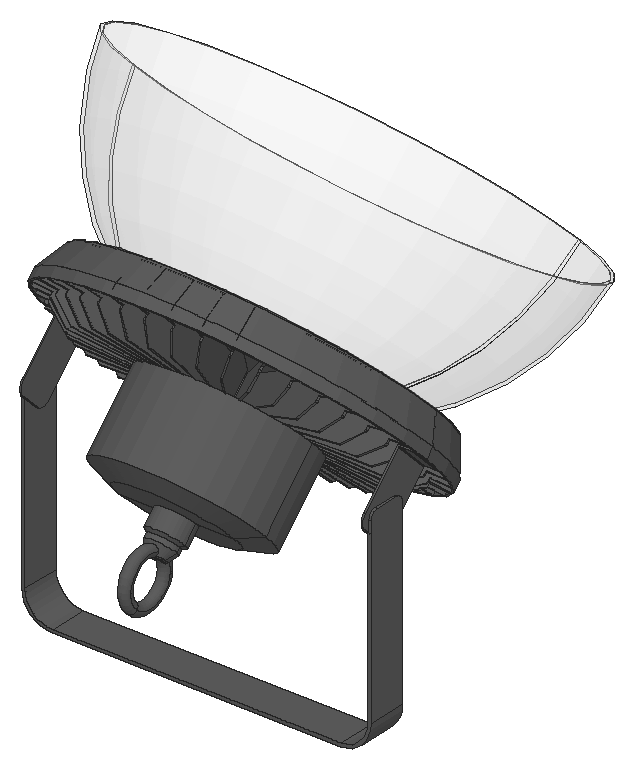
Revit family "0039352+0039355+0039361 Feilo Sylvania Lighting Fixture START HIGHBAY 6K 26KLM WIDE with BRACKET and PC LAMPSHADE TRANSPARENT", category Lighting Fixtures, host Face, Revit 2017
Family settings
  Host = Face
  Round Connector Dimension = Use Diameter
  Part Type = Normal
  OmniClass Number = 23.80.70.00
  OmniClass Title = Lighting
  Cut with Voids When Loaded = No
  Light Source = No
  Shared = No
  Room Calculation Point = No
Parameters (values of type "0039352+0039355+0039361 START HIGHBAY 6K 26KLM WIDE with BRACKET and PC LAMPSHADE TRANSPARENT ")
  Weight = "3.7 kg"
  Wattage Comments = ""
  WarrantyStartDate [instance] = "n/a"
  WarrantyGuarantorParts = "n/a"
  WarrantyDurationUnit = "n/a"
  WarrantyDurationParts = "n/a"
  WarrantyDescription = "n/a"
  Voltage = 230 V
  URL = "http://www.sylvania-lighting.com"
  TypeName = "START HIGHBAY 6K 26KLM WIDE with BRACKET and PC LAMPSHADE TRANSPARENT"
  TypeHead_FEILO = Start LED Highbay Head : 0039352+0039355+0039361 START HIGHBAY 6K 26KLM WIDE with BRACKET and PC LAMPSHADE TRANSPARENT 
  Type Image = <None>
  Type Comments = "n/a"
  TiltAngle_FEILO [instance] = 45.00°
  ThicknessBracketPlate_FEILO = 3 mm
  SizeBracketS_FEILO = no
  SizeBracketM_FEILO = no
  SerialNumber [instance] = "n/a"
  RadiusBracketTop_FEILO = 7 mm
  RadiusBendOut_FEILO = if(SizeBracketS_FEILO, 18 mm, if(SizeBracketM_FEILO, 24 mm, 28 mm))  # 28 mm
  RadiusBendIn_FEILO = RadiusBendOut_FEILO - ThicknessBracketPlate_FEILO  # 25 mm
  Material_3_FEILO = none
  PowerFactor = 0.95
  PowerConsumption = "200 W"
  NominalLength = 339 mm
  NominalHeight = 194 mm
  NominalDepth = 339 mm
  Name = "START HIGHBAY 6K 26KLM WIDE with BRACKET and PC LAMPSHADE TRANSPARENT"
  ModelReference = Name  # "START HIGHBAY 6K 26KLM WIDE with BRACKET and PC LAMPSHADE TRANSPARENT"
  ModelNumber = "0039352+0039355+0039361"
  Model = Name  # "START HIGHBAY 6K 26KLM WIDE with BRACKET and PC LAMPSHADE TRANSPARENT"
  Material = "aluminium alloy housing, polycarbonate diffuser"
  ManufacturerName = "Feilo Sylvania"
  Manufacturer = "Feilo Sylvania"
  LuminousEfficacy = "130 lm/W"
  LuminaireType = ""
  LightOutputRatio = "n/a"
  LampsType = Lamp  # "LED"
  LampNominalLuminous = "26000 lm"
  LampMacAdamStep = "n/a"
  LampColourTemperature = "6500 K"
  LampColourRenderingIndex = "80"
  Lamp = "LED"
  Keynote = "16500"
  InstallationDate [instance] = "n/a"
  InputVoltage = "220-240V~"
  InputNominalFrequency = "50/60 Hz"
  IngressProtection = "IP65"
  ImpactProtectionIndex = "IK08"
  IfcExportType = "IfcLightFixtureType"
  IfcExportAs = "IfcLightFixtureType"
  ExpectedLife = 50000
  EndAngle_FEILO [instance] = TiltAngle_FEILO + 180.00°  # 225.00°
  ElectricShockClassification = "Class I"
  DurationUnit = "hours"
  DocumentationLiterature = "http://www.sylvania-lighting.com/product/en-int/products/0039352"
  DimmingControlOptions = "n/a"
  Material_2_FEILO = none
  Description = "START HIGHBAY, includes 1 m cables, black aluminium housing, 26000LM, 200W, 130lm/W, 6500K, Driver current: 5000mA, CR80, 60° beam angle, 1-10V dimmable,  IP65, IK08, 50,000 hrs (L70B50), (LxWxH) 339x339x194mm"
  Default Elevation = 1219.2 mm
  CreatedOn = "2/28/2018"
  CreatedBy = ""
  Cost = 0
  built-in parameter 1114216 [instance] = (empty or 0)
  ClassificationValue = "EF_70_80"
  ClassificationName = "Uniclass2015"
  Material_1_FEILO = Body-Sylvania-StartHighbay-Black
  BracketHeight_FEILO = if(SizeBracketS_FEILO, 199.5 mm, if(SizeBracketM_FEILO, 209.6 mm, 201.3 mm))  # 201.3 mm
  BracketDistanceInner_FEILO = if(SizeBracketS_FEILO, 249.4 mm, if(SizeBracketM_FEILO, 273.6 mm, 313.2 mm))  # 313.2 mm
  BarCode [instance] = "n/a"
  AssetType = "Fixed"
  AssetIdentifier [instance] = "n/a"
  Assembly Code = "D5020200"
  Apparent Load = 200 VA
  Material_4_FEILO = none
Reference planes
  plane 1 "Center (Front/Back)": y = 0
  plane 2: z = 0
  plane 3 "Center (Left/Right)": x = 0
  plane 4: x = -159.6
  plane 5: x = 159.6
  plane 6: z = 201.3
  plane 7: x = -156.6
  plane 8: z = 3
  plane 9: x = 156.6
  plane 10: y = 17.5
  plane 11: y = -17.5
  plane 12: y = -19.5
  plane 13: z = 203.3
  plane 14: y = 19.5
  plane 15: z = 192.3
Forms (mm)
  Extrusion 1, solid, material "Body-Sylvania-StartHighbay-Black" <- "Material_1_FEILO"
    sketch origin (0, 0, 0) x (1, 0, 0) y (0, 0, 1)
      loop
        line (-159.6, 201.3) -> (-159.6, 28)
        arc (-159.6, 28) -> (-151.399, 8.201) -> (-131.6, 0) r 28
        line (-131.6, 0) -> (131.6, 0)
        arc (131.6, 0) -> (151.399, 8.201) -> (159.6, 28) r 28
        line (159.6, 28) -> (159.6, 201.3) -> (156.6, 201.3) -> (156.6, 28)
        arc (156.6, 28) -> (149.278, 10.322) -> (131.6, 3) r 25
        line (131.6, 3) -> (-131.6, 3)
        arc (-131.6, 3) -> (-149.278, 10.322) -> (-156.6, 28) r 25
        line (-156.6, 28) -> (-156.6, 201.3) -> (-159.6, 201.3)
    from -17.5 to 17.5
  Extrusion 2, void
    sketch origin (0, 0, 0) x (0, 1, 0) y (0, 0, 1)
      loop
        arc (10.5, 201.3) -> (15.45, 199.25) -> (17.5, 194.3) r 7
        line (17.5, 194.3) -> (19.5, 194.3) -> (19.5, 203.3) -> (-19.5, 203.3) -> (-19.5, 194.3) -> (-17.5, 194.3)
        arc (-17.5, 194.3) -> (-15.45, 199.25) -> (-10.5, 201.3) r 7
        line (-10.5, 201.3) -> (10.5, 201.3)
    from -159.6 to 159.6
  Revolve 3, solid, not visible
    sketch origin (1223.4, -4572, 192.3) x (0, -1, 0) y (1, 0, 0)
      loop
        line (-4572, -1223.4) -> (-4591.5, -1223.4) -> (-4591.5, -1277.783) -> (-4572, -1277.783) -> (-4572, -1223.4)
      axis (-4572, -1223.4) -> (-4572, -1277.783)
    angle from 45 <- "TiltAngle_FEILO" to 225 <- "EndAngle_FEILO"
Cuts and joins
  Extrusion 2 cuts Extrusion 1
Dimensions and locks
  "BracketHeight_FEILO": plane 6 to plane 2
  equal spacing: plane 11, plane 1 "Center (Front/Back)", plane 10
  locked: plane 11 to plane 10 at 35
  equal spacing: plane 9, plane 3 "Center (Left/Right)", plane 7
  "BracketDistanceInner_FEILO": plane 9 to plane 7
  "ThicknessBracketPlate_FEILO": plane 7 to plane 4
  "ThicknessBracketPlate_FEILO": plane 8 to plane 2
  equal spacing: plane 5, plane 3 "Center (Left/Right)", plane 4
  equal spacing: plane 12, plane 1 "Center (Front/Back)", plane 14
  locked: plane 6 to plane 13 at 2
  locked: plane 12 to plane 11 at 2
  locked: plane 6 to plane 15 at 9
  "RadiusBendOut_FEILO": radius of Extrusion 1 sketch curve  (x2)
  "RadiusBendIn_FEILO": radius of Extrusion 1 sketch curve  (x2)
  "RadiusBracketTop_FEILO": radius of Extrusion 2 sketch curve  (x2)
  aligned and locked: plane 2 to host face
  aligned and locked: level to host face
  aligned and locked: Extrusion 1 sketch curve to plane 4
  aligned and locked: Extrusion 1 sketch curve to level
  aligned and locked: plane 6 to Extrusion 1 sketch curve
  aligned and locked: Extrusion 1 sketch curve to plane 6
  aligned and locked: Extrusion 1 sketch curve to plane 7
  aligned and locked: plane 9 to Extrusion 1 sketch curve
  aligned and locked: plane 8 to Extrusion 1 sketch curve
  aligned and locked: Extrusion 1 to plane 10
  aligned and locked: plane 11 to Extrusion 1
  aligned and locked: Extrusion 1 to Extrusion 2 sketch curve
  aligned and locked: plane 14 to Extrusion 2 sketch curve  (x2)
  aligned and locked: Extrusion 2 sketch curve to plane 12
  aligned and locked: plane 13 to Extrusion 2 sketch curve
  aligned and locked: plane 5 to Extrusion 2
  aligned and locked: Extrusion 2 to plane 4
  aligned and locked: Revolve 3 sketch curve to plane 1 "Center (Front/Back)"
  aligned and locked: Revolve 3 sketch curve to Revolve 3 sketch curve
  aligned and locked: plane 3 "Center (Left/Right)" to Revolve 3 sketch curve
  aligned and locked: Revolve 3 sketch curve to plane 14
  aligned and locked: nested 1 to plane 3 "Center (Left/Right)"
Automatic sketch dimensions
  host sketch curve to host sketch curve = 2438.4 mm  (x2)
  Revolve 3 sketch curve to Revolve 3 sketch curve = 54.383 mm
  Revolve 3 sketch curve to plane 4 = 1396.3 mm
  plane 5 to Revolve 3 sketch curve = 1396.3 mm
  Extrusion 1 sketch curve to Extrusion 1 sketch curve = 0 mm
  Extrusion 2 sketch curve to plane 11 = 0 mm
  Extrusion 2 sketch curve to plane 10 = 0 mm
Nested families
  nested 1: "Start LED Highbay Head" at (0, 0, 192.3) x (-1, 0, 0) z (0, 0.7071, 0.7071), type <- "TypeHead_FEILO", type "0039352+0039355+0039361 START HIGHBAY 6K 26KLM WIDE with BRACKET and PC LAMPSHADE TRANSPARENT "
    with built-in parameter 1114216 (empty or 0)
Connectors
  electrical at (0, 0, 0), driven by "Apparent Load", driven by "PowerFactor", driven by "Voltage"
    settings: index 1, voltage 230 V, apparent load 200 VA, apparent load phase1 0 VA, apparent load phase2 0 VA, apparent load phase3 0 VA, power factor 0.95, load classification "Lighting", number of poles 1, system type 30, power factor state 1, is connector primary yes, connector utility no, sub classification motor no, connector description ""
Definition of nested family "Start LED Highbay Head"
  Parameters (values of type "0039351+0039354+0039358 START HIGHBAY 6K 19KLM WIDE with BRACKET and PC LAMPSHADE TRANSPARENT ")
    X_FEILO = if(SizeS_FEILO, 60.3 mm, if(SizeM_FEILO, 70.4 mm, 83.5 mm))  # 70.4 mm
    WidthStraight_FEILO = if(SizeS_FEILO, 3 mm, if(SizeM_FEILO, 4 mm, 4.7 mm))  # 4 mm
    WidthRingChamfer_FEILO = if(SizeS_FEILO, 10.3 mm, if(SizeM_FEILO, 11.2 mm, 12.9 mm))  # 11.2 mm
    WidthCurved_FEILO = if(SizeS_FEILO, 17.4 mm, if(SizeM_FEILO, 16.4 mm, 26.2 mm))  # 16.4 mm
    WidthCurvedRing_FEILO = if(SizeS_FEILO, 3 mm, if(SizeM_FEILO, 4 mm, 4.7 mm))  # 4 mm
    WidthBracket_FEILO = 40 mm
    Wattage Comments = ""
    Wattage = 150 W
    built-in parameter 1150110 = 1 (stored number, unit not read)
    URL = "http://www.feilosylvania.com"
    Type Image = (empty or 0)
    Type Comments = "n/a"
    built-in parameter 1114217 = 1 (stored number, unit not read)
    Tilt Angle = -90.00°
    ThicknessWall_FEILO = 1.5 mm
    ThicknessBracket_FEILO = 1.5 mm
    ThicknessBracketHalf_FEILO = ThicknessBracket_FEILO / 2  # 0.75 mm
    built-in parameter 1150109 = 1 (stored number, unit not read)
    built-in parameter 1150134 = 1
    built-in parameter 1150113 = 1 (stored number, unit not read)
    SizeS_FEILO = no
    SizeM_FEILO = yes
    ShadeThickness_FEILO = 3 mm
    ShadeSizeSM_FEILO = or(SizeS_FEILO, SizeM_FEILO)  # yes
    ShadeRadiusOut_FEILO = 205 mm
    ShadeRadiusIn_FEILO = if(ShadeSizeSM_FEILO, 95 mm, 121 mm)  # 95 mm
    ShadeRadiusBend_FEILO = if(ShadeSizeSM_FEILO, 210 mm, 210 mm)  # 210 mm
    ShadeOn_FEILO = yes
    ShadeHeight_FEILO = if(ShadeSizeSM_FEILO, 120 mm, 151 mm)  # 120 mm
    Rib4_FEILO = if(SizeS_FEILO, 18.1 mm, if(SizeM_FEILO, 13.6 mm, 14.6 mm))  # 13.6 mm
    Rib3_FEILO = if(SizeS_FEILO, 15.3 mm, if(SizeM_FEILO, 17.6 mm, 20.2 mm))  # 17.6 mm
    Rib2_FEILO = if(SizeS_FEILO, 3.6 mm, if(SizeM_FEILO, 3.9 mm, 4.5 mm))  # 3.9 mm
    Rib1_FEILO = if(SizeS_FEILO, 15.1 mm, if(SizeM_FEILO, 16.5 mm, 19 mm))  # 16.5 mm
    RadiusDiffuser_FEILO = if(SizeS_FEILO, 95.2 mm, if(SizeM_FEILO, 105.3 mm, 120 mm))  # 105.3 mm
    RadiusArrayPost_FEILO = DriverRadius_FEILO - 6 mm  # 61.2 mm
    RHRadius3_FEILO = if(SizeS_FEILO, 6.6 mm, if(SizeM_FEILO, 7.4 mm, 8.6 mm))  # 7.4 mm
    RHRadius2_FEILO = if(SizeS_FEILO, 11 mm, if(SizeM_FEILO, 12 mm, 14 mm))  # 12 mm
    RHRadius1_FEILO = if(SizeS_FEILO, 13.6 mm, if(SizeM_FEILO, 14.9 mm, 17.7 mm))  # 14.9 mm
    RHHeight4_FEILO = if(SizeS_FEILO, 7.3 mm, if(SizeM_FEILO, 8 mm, 9.2 mm))  # 8 mm
    RHHeight3_FEILO = if(SizeS_FEILO, 3.6 mm, if(SizeM_FEILO, 3.7 mm, 4.6 mm))  # 3.7 mm
    RHHeight2_FEILO = if(SizeS_FEILO, 2 mm, if(SizeM_FEILO, 2.2 mm, 2.6 mm))  # 2.2 mm
    RHHeight1_FEILO = if(SizeS_FEILO, 11.8 mm, if(SizeM_FEILO, 15.3 mm, 17.4 mm))  # 15.3 mm
    Photometric Web File = "0039351+0039358.ies"
    Material_5_FEILO = none
    Material_3_FEILO = none
    Model = "START HIGHBAY 6K 19KLM WIDE with BRACKET and PC LAMPSHADE TRANSPARENT"
    Manufacturer = "Feilo Sylvania"
    built-in parameter 1150105 = 10854.2 (stored number, unit not read)
    Lumens = 19500 lm
    built-in parameter 1150115 = 1 (stored number, unit not read)
    built-in parameter 1150137 = (empty or 0)
    built-in parameter 1150139 = (empty or 0)
    built-in parameter 1150112 = 1 (stored number, unit not read)
    built-in parameter 1150114 = 1 (stored number, unit not read)
    Lamp = "LED"
    Keynote = "16500"
    built-in parameter 1150132 = (empty or 0)
    built-in parameter 1150102 = (empty or 0)
    built-in parameter 1150107 = 6500 (stored number, unit not read)
    built-in parameter 1150138 = (empty or 0)
    built-in parameter 1150106 = 108.54 (stored number, unit not read)
    HeightRing_FEILO = if(SizeS_FEILO, 19.8 mm, if(SizeM_FEILO, 32 mm, 36.8 mm))  # 32 mm
    HeightRingChamfer_FEILO = if(SizeS_FEILO, 11.7 mm, if(SizeM_FEILO, 23.2 mm, 26.6 mm))  # 23.2 mm
    EyeThickness_FEILO = if(SizeS_FEILO, 8.4 mm, if(SizeM_FEILO, 9.2 mm, 10.5 mm))  # 9.2 mm
    EyeThicknessHalf_FEILO = EyeThickness_FEILO / 2  # 4.6 mm
    EyeInner_FEILO = if(SizeS_FEILO, 13.8 mm, if(SizeM_FEILO, 15.1 mm, 17.3 mm))  # 15.1 mm
    Emit from Circle Diameter = RadiusDiffuser_FEILO * 2  # 210.6 mm
    Emit Shape Visible in Rendering = no
    built-in parameter 1150104 = 12.077 (stored number, unit not read)
    DriverVerticalStraight_FEILO = if(SizeS_FEILO, 46.5 mm, if(SizeM_FEILO, 49.7 mm, 57 mm))  # 49.7 mm
    DriverVerticalChamfer_FEILO = if(SizeS_FEILO, 7.5 mm, if(SizeM_FEILO, 8.2 mm, 9.5 mm))  # 8.2 mm
    DriverRadius_FEILO = if(SizeS_FEILO, 61.4 mm, if(SizeM_FEILO, 67.2 mm, 76.4 mm))  # 67.2 mm
    DriverRadiusTop_FEILO = if(SizeS_FEILO, 42 mm, if(SizeM_FEILO, 45.3 mm, 52.4 mm))  # 45.3 mm
    DriverBottom_FEILO = if(SizeS_FEILO, 56 mm, if(SizeM_FEILO, 64.5 mm, 74 mm))  # 64.5 mm
    Material_2_FEILO = none
    Radius_FEILO = if(SizeS_FEILO, 135 mm, if(SizeM_FEILO, 148 mm, 169.5 mm))  # 148 mm
    Dimming Lamp Color Temperature Shift = (empty or 0)
    DiameterWire_FEILO = 3 mm
    DiameterWireSupport_FEILO = 10 mm
    Description = "START HIGHBAY, includes 1 m cables, black aluminium housing, 19500LM, 150W, 130lm/W, 6500K, Driver current: 2140mA, CR80, 60° beam angle, 1-10V dimmable,  IP65, IK08, 50,000 hrs (L70B50), (LxWxH) 296x296x177mm"
    Default Elevation = 1219.2 mm
    Cost = 0
    Color Filter = 16777215
    built-in parameter 1114216 [instance] = (empty or 0)
    Material_1_FEILO = none
    built-in parameter 1114218 = 1 (stored number, unit not read)
    built-in parameter 1150133 = 10 (stored number, unit not read)
    Assembly Code = "D5020200"
    Apparent Load = 150 VA
    Material_4_FEILO = none
  Types (36, lengths in mm): name | X_FEILO | WidthStraight_FEILO | WidthRingChamfer_FEILO | WidthCurved_FEILO | WidthCurvedRing_FEILO | Wattage | built-in parameter 1150134 | SizeS_FEILO | SizeM_FEILO | ShadeSizeSM_FEILO | ShadeRadiusIn_FEILO | ShadeOn_FEILO | ShadeHeight_FEILO | Rib4_FEILO | Rib3_FEILO | Rib2_FEILO | Rib1_FEILO | RadiusDiffuser_FEILO | RadiusArrayPost_FEILO | RHRadius3_FEILO | RHRadius2_FEILO | RHRadius1_FEILO | RHHeight4_FEILO | RHHeight3_FEILO | RHHeight2_FEILO | RHHeight1_FEILO | Photometric Web File | Model | built-in parameter 1150105 | Lumens | built-in parameter 1150107 | built-in parameter 1150106 | HeightRing_FEILO | HeightRingChamfer_FEILO | EyeThickness_FEILO | EyeThicknessHalf_FEILO | EyeInner_FEILO | Emit from Circle Diameter | DriverVerticalStraight_FEILO | DriverVerticalChamfer_FEILO | DriverRadius_FEILO | DriverRadiusTop_FEILO | DriverBottom_FEILO | Radius_FEILO | Description | Apparent Load
    0039352+0039355+0039361 START HIGHBAY 6K 26KLM WIDE with BRACKET and PC LAMPSHADE TRANSPARENT | 83.5 | 4.7 | 12.9 | 26.2 | 4.7 | 200 W | 1 | no | no | no | 121 | yes | 151 | 14.6 | 20.2 | 4.5 | 19 | 120 | 70.4 | 8.6 | 14 | 17.7 | 9.2 | 4.6 | 2.6 | 17.4 | "0039352+0039361.ies" | "START HIGHBAY 6K 26KLM WIDE with BRACKET and PC LAMPSHADE TRANSPARENT" | 17911 (stored number, unit not read) | 26000 lm | 6500 (stored number, unit not read) | 179.11 (stored number, unit not read) | 36.8 | 26.6 | 10.5 | 5.25 | 17.3 | 240 | 57 | 9.5 | 76.4 | 52.4 | 74 | 169.5 | "START HIGHBAY, includes 1 m cables, black aluminium housing, 26000LM, 200W, 130lm/W, 6500K, Driver current: 5000mA, CR80, 60° beam angle, 1-10V dimmable,  IP65, IK08, 50,000 hrs (L70B50), (LxWxH) 339x339x194mm" | 200 VA
    0039352+0039355+0039360 START HIGHBAY 6K 26KLM WIDE with BRACKET and ALU SHADE BLACK COLOR | 83.5 | 4.7 | 12.9 | 26.2 | 4.7 | 200 W | 1 | no | no | no | 121 | yes | 151 | 14.6 | 20.2 | 4.5 | 19 | 120 | 70.4 | 8.6 | 14 | 17.7 | 9.2 | 4.6 | 2.6 | 17.4 | "0039352+0039360.ies" | "START HIGHBAY 6K 26KLM WIDE with BRACKET and ALU SHADE BLACK COLOR" | 14870 (stored number, unit not read) | 26000 lm | 6500 (stored number, unit not read) | 148.7 (stored number, unit not read) | 36.8 | 26.6 | 10.5 | 5.25 | 17.3 | 240 | 57 | 9.5 | 76.4 | 52.4 | 74 | 169.5 | "START HIGHBAY, includes 1 m cables, black aluminium housing, 26000LM, 200W, 130lm/W, 6500K, Driver current: 5000mA, CR80, 60° beam angle, 1-10V dimmable,  IP65, IK08, 50,000 hrs (L70B50), (LxWxH) 339x339x194mm" | 200 VA
    0039352+0039355+0039359 START HIGHBAY 6K 26KLM WIDE with BRACKET and ALU SHADE ALU COLOR | 83.5 | 4.7 | 12.9 | 26.2 | 4.7 | 200 W | 1 | no | no | no | 121 | yes | 151 | 14.6 | 20.2 | 4.5 | 19 | 120 | 70.4 | 8.6 | 14 | 17.7 | 9.2 | 4.6 | 2.6 | 17.4 | "0039352+0039359.ies" | "START HIGHBAY 6K 26KLM WIDE with BRACKET and ALU SHADE ALU COLOR" | 14870 (stored number, unit not read) | 26000 lm | 6500 (stored number, unit not read) | 148.7 (stored number, unit not read) | 36.8 | 26.6 | 10.5 | 5.25 | 17.3 | 240 | 57 | 9.5 | 76.4 | 52.4 | 74 | 169.5 | "START HIGHBAY, includes 1 m cables, black aluminium housing, 26000LM, 200W, 130lm/W, 6500K, Driver current: 5000mA, CR80, 60° beam angle, 1-10V dimmable,  IP65, IK08, 50,000 hrs (L70B50), (LxWxH) 339x339x194mm" | 200 VA
    0039352+0039355 START HIGHBAY 6K 26KLM WIDE with BRACKET | 83.5 | 4.7 | 12.9 | 26.2 | 4.7 | 200 W | 1 | no | no | no | 121 | no | 151 | 14.6 | 20.2 | 4.5 | 19 | 120 | 70.4 | 8.6 | 14 | 17.7 | 9.2 | 4.6 | 2.6 | 17.4 | "0039352.ies" | "START HIGHBAY 6K 26KLM WIDE with BRACKET" | 13836.2 (stored number, unit not read) | 26000 lm | 6500 (stored number, unit not read) | 138.36 (stored number, unit not read) | 36.8 | 26.6 | 10.5 | 5.25 | 17.3 | 240 | 57 | 9.5 | 76.4 | 52.4 | 74 | 169.5 | "START HIGHBAY, includes 1 m cables, black aluminium housing, 26000LM, 200W, 130lm/W, 6500K, Driver current: 5000mA, CR80, 60° beam angle, 1-10V dimmable,  IP65, IK08, 50,000 hrs (L70B50), (LxWxH) 339x339x194mm" | 200 VA
    0039351+0039354+0039358 START HIGHBAY 6K 19KLM WIDE with BRACKET and PC LAMPSHADE TRANSPARENT | 70.4 | 4 | 11.2 | 16.4 | 4 | 150 W | 1 | no | yes | yes | 95 | yes | 120 | 13.6 | 17.6 | 3.9 | 16.5 | 105.3 | 61.2 | 7.4 | 12 | 14.9 | 8 | 3.7 | 2.2 | 15.3 | "0039351+0039358.ies" | "START HIGHBAY 6K 19KLM WIDE with BRACKET and PC LAMPSHADE TRANSPARENT" | 10854.2 (stored number, unit not read) | 19500 lm | 6500 (stored number, unit not read) | 108.54 (stored number, unit not read) | 32 | 23.2 | 9.2 | 4.6 | 15.1 | 210.6 | 49.7 | 8.2 | 67.2 | 45.3 | 64.5 | 148 | "START HIGHBAY, includes 1 m cables, black aluminium housing, 19500LM, 150W, 130lm/W, 6500K, Driver current: 2140mA, CR80, 60° beam angle, 1-10V dimmable,  IP65, IK08, 50,000 hrs (L70B50), (LxWxH) 296x296x177mm" | 150 VA
    0039351+0039354+0039357 START HIGHBAY 6K 19KLM WIDE with BRACKET and ALU SHADE BLACK COLOR | 70.4 | 4 | 11.2 | 16.4 | 4 | 150 W | 1 | no | yes | yes | 95 | yes | 120 | 13.6 | 17.6 | 3.9 | 16.5 | 105.3 | 61.2 | 7.4 | 12 | 14.9 | 8 | 3.7 | 2.2 | 15.3 | "0039351+0039357.ies" | "START HIGHBAY 6K 19KLM WIDE with BRACKET and ALU SHADE BLACK COLOR" | 11152.5 (stored number, unit not read) | 19500 lm | 6500 (stored number, unit not read) | 111.52 (stored number, unit not read) | 32 | 23.2 | 9.2 | 4.6 | 15.1 | 210.6 | 49.7 | 8.2 | 67.2 | 45.3 | 64.5 | 148 | "START HIGHBAY, includes 1 m cables, black aluminium housing, 19500LM, 150W, 130lm/W, 6500K, Driver current: 2140mA, CR80, 60° beam angle, 1-10V dimmable,  IP65, IK08, 50,000 hrs (L70B50), (LxWxH) 296x296x177mm" | 150 VA
    0039351+0039354+0039356 START HIGHBAY 6K 19KLM WIDE with BRACKET and ALU SHADE ALU COLOR | 70.4 | 4 | 11.2 | 16.4 | 4 | 150 W | 1 | no | yes | yes | 95 | yes | 120 | 13.6 | 17.6 | 3.9 | 16.5 | 105.3 | 61.2 | 7.4 | 12 | 14.9 | 8 | 3.7 | 2.2 | 15.3 | "0039351+0039356.ies" | "START HIGHBAY 6K 19KLM WIDE with BRACKET and ALU SHADE ALU COLOR" | 11152.5 (stored number, unit not read) | 19500 lm | 6500 (stored number, unit not read) | 111.52 (stored number, unit not read) | 32 | 23.2 | 9.2 | 4.6 | 15.1 | 210.6 | 49.7 | 8.2 | 67.2 | 45.3 | 64.5 | 148 | "START HIGHBAY, includes 1 m cables, black aluminium housing, 19500LM, 150W, 130lm/W, 6500K, Driver current: 2140mA, CR80, 60° beam angle, 1-10V dimmable,  IP65, IK08, 50,000 hrs (L70B50), (LxWxH) 296x296x177mm" | 150 VA
    0039351+0039354 START HIGHBAY 6K 19KLM WIDE with BRACKET | 70.4 | 4 | 11.2 | 16.4 | 4 | 150 W | 1 | no | yes | yes | 95 | no | 120 | 13.6 | 17.6 | 3.9 | 16.5 | 105.3 | 61.2 | 7.4 | 12 | 14.9 | 8 | 3.7 | 2.2 | 15.3 | "0039351.ies" | "START HIGHBAY 6K 19KLM WIDE with BRACKET" | 10377.1 (stored number, unit not read) | 19500 lm | 6500 (stored number, unit not read) | 103.77 (stored number, unit not read) | 32 | 23.2 | 9.2 | 4.6 | 15.1 | 210.6 | 49.7 | 8.2 | 67.2 | 45.3 | 64.5 | 148 | "START HIGHBAY, includes 1 m cables, black aluminium housing, 19500LM, 150W, 130lm/W, 6500K, Driver current: 2140mA, CR80, 60° beam angle, 1-10V dimmable,  IP65, IK08, 50,000 hrs (L70B50), (LxWxH) 296x296x177mm" | 150 VA
    0039350+0039353+0039358 START HIGHBAY 6K 13KLM WIDE with BRACKET and PC LAMPSHADE TRANSPARENT | 60.3 | 3 | 10.3 | 17.4 | 3 | 100 W | 1 | yes | no | yes | 95 | yes | 120 | 18.1 | 15.3 | 3.6 | 15.1 | 95.2 | 55.4 | 6.6 | 11 | 13.6 | 7.3 | 3.6 | 2 | 11.8 | "0039350+0039358.ies" | "START HIGHBAY 6K 13KLM WIDE with BRACKET and PC LAMPSHADE TRANSPARENT" | 7236.1 (stored number, unit not read) | 13000 lm | 6500 (stored number, unit not read) | 72.361 (stored number, unit not read) | 19.8 | 11.7 | 8.4 | 4.2 | 13.8 | 190.4 | 46.5 | 7.5 | 61.4 | 42 | 56 | 135 | "START HIGHBAY, includes 1 m cables, black aluminium housing, 13000LM, 100W, 130lm/W, 6500K, Driver current: 2140mA, CR80, 60° beam angle, 1-10V dimmable,  IP65, IK08, 50,000 hrs (L70B50), (LxWxH) 270x270x170mm" | 100 VA
    0039350+0039353+0039357 START HIGHBAY 6K 13KLM WIDE with BRACKET and ALU SHADE BLACK COLOR | 60.3 | 3 | 10.3 | 17.4 | 3 | 100 W | 1 | yes | no | yes | 95 | yes | 120 | 18.1 | 15.3 | 3.6 | 15.1 | 95.2 | 55.4 | 6.6 | 11 | 13.6 | 7.3 | 3.6 | 2 | 11.8 | "0039350+0039357.ies" | "START HIGHBAY 6K 13KLM WIDE with BRACKET and ALU SHADE BLACK COLOR" | 7435 (stored number, unit not read) | 13000 lm | 6500 (stored number, unit not read) | 74.35 (stored number, unit not read) | 19.8 | 11.7 | 8.4 | 4.2 | 13.8 | 190.4 | 46.5 | 7.5 | 61.4 | 42 | 56 | 135 | "START HIGHBAY, includes 1 m cables, black aluminium housing, 13000LM, 100W, 130lm/W, 6500K, Driver current: 2140mA, CR80, 60° beam angle, 1-10V dimmable,  IP65, IK08, 50,000 hrs (L70B50), (LxWxH) 270x270x170mm" | 100 VA
    0039350+0039353+0039356 START HIGHBAY 6K 13KLM WIDE with BRACKET and ALU SHADE ALU COLOR | 60.3 | 3 | 10.3 | 17.4 | 3 | 100 W | 1 | yes | no | yes | 95 | yes | 120 | 18.1 | 15.3 | 3.6 | 15.1 | 95.2 | 55.4 | 6.6 | 11 | 13.6 | 7.3 | 3.6 | 2 | 11.8 | "0039350+0039356.ies" | "START HIGHBAY 6K 13KLM WIDE with BRACKET and ALU SHADE ALU COLOR" | 7435 (stored number, unit not read) | 13000 lm | 6500 (stored number, unit not read) | 74.35 (stored number, unit not read) | 19.8 | 11.7 | 8.4 | 4.2 | 13.8 | 190.4 | 46.5 | 7.5 | 61.4 | 42 | 56 | 135 | "START HIGHBAY, includes 1 m cables, black aluminium housing, 13000LM, 100W, 130lm/W, 6500K, Driver current: 2140mA, CR80, 60° beam angle, 1-10V dimmable,  IP65, IK08, 50,000 hrs (L70B50), (LxWxH) 270x270x170mm" | 100 VA
    0039350+0039353 START HIGHBAY 6K 13KLM WIDE with BRACKET | 60.3 | 3 | 10.3 | 17.4 | 3 | 100 W | 1 | yes | no | yes | 95 | no | 120 | 18.1 | 15.3 | 3.6 | 15.1 | 95.2 | 55.4 | 6.6 | 11 | 13.6 | 7.3 | 3.6 | 2 | 11.8 | "0039350.ies" | "START HIGHBAY 6K 13KLM WIDE with BRACKET" | 6918.1 (stored number, unit not read) | 13000 lm | 6500 (stored number, unit not read) | 69.181 (stored number, unit not read) | 19.8 | 11.7 | 8.4 | 4.2 | 13.8 | 190.4 | 46.5 | 7.5 | 61.4 | 42 | 56 | 135 | "START HIGHBAY, includes 1 m cables, black aluminium housing, 13000LM, 100W, 130lm/W, 6500K, Driver current: 2140mA, CR80, 60° beam angle, 1-10V dimmable,  IP65, IK08, 50,000 hrs (L70B50), (LxWxH) 270x270x170mm" | 100 VA
    0039349+0039355+0039361 START HIGHBAY 4K 26KLM WIDE with BRACKET and PC LAMPSHADE TRANSPARENT FOR | 83.5 | 4.7 | 12.9 | 26.2 | 4.7 | 200 W | 12 | no | no | no | 121 | yes | 151 | 14.6 | 20.2 | 4.5 | 19 | 120 | 70.4 | 8.6 | 14 | 17.7 | 9.2 | 4.6 | 2.6 | 17.4 | "0039349+0039361.ies" | "START HIGHBAY 4K 26KLM WIDE with BRACKET and PC LAMPSHADE TRANSPARENT FOR" | 17911 (stored number, unit not read) | 26000 lm | 4000 (stored number, unit not read) | 179.11 (stored number, unit not read) | 36.8 | 26.6 | 10.5 | 5.25 | 17.3 | 240 | 57 | 9.5 | 76.4 | 52.4 | 74 | 169.5 | "START HIGHBAY, includes 1 m cables, black aluminium housing, 26000LM, 200W, 130lm/W, 4000K, Driver current: 5000mA, CR80, 90° beam angle, 1-10V dimmable,  IP65, IK08, 50,000 hrs (L70B50), (LxWxH) 339x339x194mm" | 200 VA
    0039349+0039355+0039360 START HIGHBAY 4K 26KLM WIDE with BRACKET and ALU SHADE BLACK COLOR | 83.5 | 4.7 | 12.9 | 26.2 | 4.7 | 200 W | 12 | no | no | no | 121 | yes | 151 | 14.6 | 20.2 | 4.5 | 19 | 120 | 70.4 | 8.6 | 14 | 17.7 | 9.2 | 4.6 | 2.6 | 17.4 | "0039349+0039360.ies" | "START HIGHBAY 4K 26KLM WIDE with BRACKET and ALU SHADE BLACK COLOR" | 14870 (stored number, unit not read) | 26000 lm | 4000 (stored number, unit not read) | 148.7 (stored number, unit not read) | 36.8 | 26.6 | 10.5 | 5.25 | 17.3 | 240 | 57 | 9.5 | 76.4 | 52.4 | 74 | 169.5 | "START HIGHBAY, includes 1 m cables, black aluminium housing, 26000LM, 200W, 130lm/W, 4000K, Driver current: 5000mA, CR80, 90° beam angle, 1-10V dimmable,  IP65, IK08, 50,000 hrs (L70B50), (LxWxH) 339x339x194mm" | 200 VA
    0039349+0039355+0039359 START HIGHBAY 4K 26KLM WIDE with BRACKET and ALU SHADE ALU COLOR | 83.5 | 4.7 | 12.9 | 26.2 | 4.7 | 200 W | 12 | no | no | no | 121 | yes | 151 | 14.6 | 20.2 | 4.5 | 19 | 120 | 70.4 | 8.6 | 14 | 17.7 | 9.2 | 4.6 | 2.6 | 17.4 | "0039349+0039359.ies" | "START HIGHBAY 4K 26KLM WIDE with BRACKET and ALU SHADE ALU COLOR" | 14870 (stored number, unit not read) | 26000 lm | 4000 (stored number, unit not read) | 148.7 (stored number, unit not read) | 36.8 | 26.6 | 10.5 | 5.25 | 17.3 | 240 | 57 | 9.5 | 76.4 | 52.4 | 74 | 169.5 | "START HIGHBAY, includes 1 m cables, black aluminium housing, 26000LM, 200W, 130lm/W, 4000K, Driver current: 5000mA, CR80, 90° beam angle, 1-10V dimmable,  IP65, IK08, 50,000 hrs (L70B50), (LxWxH) 339x339x194mm" | 200 VA
    0039349+0039355 START HIGHBAY 4K 26KLM WIDE with BRACKET | 83.5 | 4.7 | 12.9 | 26.2 | 4.7 | 200 W | 12 | no | no | no | 121 | no | 151 | 14.6 | 20.2 | 4.5 | 19 | 120 | 70.4 | 8.6 | 14 | 17.7 | 9.2 | 4.6 | 2.6 | 17.4 | "0039349.ies" | "START HIGHBAY 4K 26KLM WIDE with BRACKET" | 13836.2 (stored number, unit not read) | 26000 lm | 4000 (stored number, unit not read) | 138.36 (stored number, unit not read) | 36.8 | 26.6 | 10.5 | 5.25 | 17.3 | 240 | 57 | 9.5 | 76.4 | 52.4 | 74 | 169.5 | "START HIGHBAY, includes 1 m cables, black aluminium housing, 26000LM, 200W, 130lm/W, 4000K, Driver current: 5000mA, CR80, 90° beam angle, 1-10V dimmable,  IP65, IK08, 50,000 hrs (L70B50), (LxWxH) 339x339x194mm" | 200 VA
    0039348+0039354+0039358 START HIGHBAY 4K 19KLM WIDE with BRACKET and PC LAMPSHADE TRANSPARENT | 70.4 | 4 | 11.2 | 16.4 | 4 | 150 W | 12 | no | yes | yes | 95 | yes | 120 | 13.6 | 17.6 | 3.9 | 16.5 | 105.3 | 61.2 | 7.4 | 12 | 14.9 | 8 | 3.7 | 2.2 | 15.3 | "0039348+0039358.ies" | "START HIGHBAY 4K 19KLM WIDE with BRACKET and PC LAMPSHADE TRANSPARENT" | 10854.2 (stored number, unit not read) | 19500 lm | 4000 (stored number, unit not read) | 108.54 (stored number, unit not read) | 32 | 23.2 | 9.2 | 4.6 | 15.1 | 210.6 | 49.7 | 8.2 | 67.2 | 45.3 | 64.5 | 148 | "START HIGHBAY, includes 1 m cables, black aluminium housing, 19500LM, 150W, 130lm/W, 4000K, Driver current: 3210mA, CR80, 90° beam angle, 1-10V dimmable,  IP65, IK08, 50,000 hrs (L70B50), (LxWxH) 296x296x177mm" | 150 VA
    0039348+0039354+0039357 START HIGHBAY 4K 19KLM WIDE with BRACKET and ALU SHADE BLACK COLOR | 70.4 | 4 | 11.2 | 16.4 | 4 | 150 W | 12 | no | yes | yes | 95 | yes | 120 | 13.6 | 17.6 | 3.9 | 16.5 | 105.3 | 61.2 | 7.4 | 12 | 14.9 | 8 | 3.7 | 2.2 | 15.3 | "0039348+0039357.ies" | "START HIGHBAY 4K 19KLM WIDE with BRACKET and ALU SHADE BLACK COLOR" | 11152.5 (stored number, unit not read) | 19500 lm | 4000 (stored number, unit not read) | 111.52 (stored number, unit not read) | 32 | 23.2 | 9.2 | 4.6 | 15.1 | 210.6 | 49.7 | 8.2 | 67.2 | 45.3 | 64.5 | 148 | "START HIGHBAY, includes 1 m cables, black aluminium housing, 19500LM, 150W, 130lm/W, 4000K, Driver current: 3210mA, CR80, 90° beam angle, 1-10V dimmable,  IP65, IK08, 50,000 hrs (L70B50), (LxWxH) 296x296x177mm" | 150 VA
    0039348+0039354+0039356 START HIGHBAY 4K 19KLM WIDE with BRACKET and ALU SHADE ALU COLOR | 70.4 | 4 | 11.2 | 16.4 | 4 | 150 W | 12 | no | yes | yes | 95 | yes | 120 | 13.6 | 17.6 | 3.9 | 16.5 | 105.3 | 61.2 | 7.4 | 12 | 14.9 | 8 | 3.7 | 2.2 | 15.3 | "0039348+0039356.ies" | "START HIGHBAY 4K 19KLM WIDE with BRACKET and ALU SHADE ALU COLOR" | 11152.5 (stored number, unit not read) | 19500 lm | 4000 (stored number, unit not read) | 111.52 (stored number, unit not read) | 32 | 23.2 | 9.2 | 4.6 | 15.1 | 210.6 | 49.7 | 8.2 | 67.2 | 45.3 | 64.5 | 148 | "START HIGHBAY, includes 1 m cables, black aluminium housing, 19500LM, 150W, 130lm/W, 4000K, Driver current: 3210mA, CR80, 90° beam angle, 1-10V dimmable,  IP65, IK08, 50,000 hrs (L70B50), (LxWxH) 296x296x177mm" | 150 VA
    0039348+0039354 START HIGHBAY 4K 19KLM WIDE with BRACKET | 70.4 | 4 | 11.2 | 16.4 | 4 | 150 W | 12 | no | yes | yes | 95 | no | 120 | 13.6 | 17.6 | 3.9 | 16.5 | 105.3 | 61.2 | 7.4 | 12 | 14.9 | 8 | 3.7 | 2.2 | 15.3 | "0039348.ies" | "START HIGHBAY 4K 19KLM WIDE with BRACKET" | 10377.1 (stored number, unit not read) | 19500 lm | 4000 (stored number, unit not read) | 103.77 (stored number, unit not read) | 32 | 23.2 | 9.2 | 4.6 | 15.1 | 210.6 | 49.7 | 8.2 | 67.2 | 45.3 | 64.5 | 148 | "START HIGHBAY, includes 1 m cables, black aluminium housing, 19500LM, 150W, 130lm/W, 4000K, Driver current: 3210mA, CR80, 90° beam angle, 1-10V dimmable,  IP65, IK08, 50,000 hrs (L70B50), (LxWxH) 296x296x177mm" | 150 VA
    0039347+0039353+0039358 START HIGHBAY 4K 13KLM WIDE with BRACKET and PC LAMPSHADE TRANSPARENT | 60.3 | 3 | 10.3 | 17.4 | 3 | 100 W | 12 | yes | no | yes | 95 | yes | 120 | 18.1 | 15.3 | 3.6 | 15.1 | 95.2 | 55.4 | 6.6 | 11 | 13.6 | 7.3 | 3.6 | 2 | 11.8 | "0039347+0039358.ies" | "START HIGHBAY 4K 13KLM WIDE with BRACKET and PC LAMPSHADE TRANSPARENT" | 7236.1 (stored number, unit not read) | 13000 lm | 4000 (stored number, unit not read) | 72.361 (stored number, unit not read) | 19.8 | 11.7 | 8.4 | 4.2 | 13.8 | 190.4 | 46.5 | 7.5 | 61.4 | 42 | 56 | 135 | "START HIGHBAY, includes 1 m cables, black aluminium housing, 13000LM, 100W, 130lm/W, 4000K, Driver current: 2140mA, CR80, 90° beam angle, 1-10V dimmable,  IP65, IK08, 50,000 hrs (L70B50), (LxWxH) 270x270x170mm" | 100 VA
    0039347+0039353+0039357 START HIGHBAY 4K 13KLM WIDE with BRACKET and ALU SHADE BLACK COLOR | 60.3 | 3 | 10.3 | 17.4 | 3 | 100 W | 12 | yes | no | yes | 95 | yes | 120 | 18.1 | 15.3 | 3.6 | 15.1 | 95.2 | 55.4 | 6.6 | 11 | 13.6 | 7.3 | 3.6 | 2 | 11.8 | "0039347+0039357.ies" | "START HIGHBAY 4K 13KLM WIDE with BRACKET and ALU SHADE BLACK COLOR" | 7435 (stored number, unit not read) | 13000 lm | 4000 (stored number, unit not read) | 74.35 (stored number, unit not read) | 19.8 | 11.7 | 8.4 | 4.2 | 13.8 | 190.4 | 46.5 | 7.5 | 61.4 | 42 | 56 | 135 | "START HIGHBAY, includes 1 m cables, black aluminium housing, 13000LM, 100W, 130lm/W, 4000K, Driver current: 2140mA, CR80, 90° beam angle, 1-10V dimmable,  IP65, IK08, 50,000 hrs (L70B50), (LxWxH) 270x270x170mm" | 100 VA
    0039347+0039353+0039356 START HIGHBAY 4K 13KLM WIDE with BRACKET and ALU SHADE ALU COLOR | 60.3 | 3 | 10.3 | 17.4 | 3 | 100 W | 12 | yes | no | yes | 95 | yes | 120 | 18.1 | 15.3 | 3.6 | 15.1 | 95.2 | 55.4 | 6.6 | 11 | 13.6 | 7.3 | 3.6 | 2 | 11.8 | "0039347+0039356.ies" | "START HIGHBAY 4K 13KLM WIDE with BRACKET and ALU SHADE ALU COLOR" | 7435 (stored number, unit not read) | 13000 lm | 4000 (stored number, unit not read) | 74.35 (stored number, unit not read) | 19.8 | 11.7 | 8.4 | 4.2 | 13.8 | 190.4 | 46.5 | 7.5 | 61.4 | 42 | 56 | 135 | "START HIGHBAY, includes 1 m cables, black aluminium housing, 13000LM, 100W, 130lm/W, 4000K, Driver current: 2140mA, CR80, 90° beam angle, 1-10V dimmable,  IP65, IK08, 50,000 hrs (L70B50), (LxWxH) 270x270x170mm" | 100 VA
    0039347+0039353 START HIGHBAY 4K 13KLM WIDE with BRACKET | 60.3 | 3 | 10.3 | 17.4 | 3 | 100 W | 12 | yes | no | yes | 95 | no | 120 | 18.1 | 15.3 | 3.6 | 15.1 | 95.2 | 55.4 | 6.6 | 11 | 13.6 | 7.3 | 3.6 | 2 | 11.8 | "0039347.ies" | "START HIGHBAY 4K 13KLM WIDE with BRACKET" | 6918.1 (stored number, unit not read) | 13000 lm | 4000 (stored number, unit not read) | 69.181 (stored number, unit not read) | 19.8 | 11.7 | 8.4 | 4.2 | 13.8 | 190.4 | 46.5 | 7.5 | 61.4 | 42 | 56 | 135 | "START HIGHBAY, includes 1 m cables, black aluminium housing, 13000LM, 100W, 130lm/W, 4000K, Driver current: 2140mA, CR80, 90° beam angle, 1-10V dimmable,  IP65, IK08, 50,000 hrs (L70B50), (LxWxH) 270x270x170mm" | 100 VA
    0039346+0039355+0039361 START HIGHBAY 4K 26KLM MEDIUM with BRACKET and PC LAMPSHADE TRANSPARENT | 83.5 | 4.7 | 12.9 | 26.2 | 4.7 | 200 W | 12 | no | no | no | 121 | yes | 151 | 14.6 | 20.2 | 4.5 | 19 | 120 | 70.4 | 8.6 | 14 | 17.7 | 9.2 | 4.6 | 2.6 | 17.4 | "0039346+0039361.ies" | "START HIGHBAY 4K 26KLM MEDIUM with BRACKET and PC LAMPSHADE TRANSPARENT" | 35142.4 (stored number, unit not read) | 26000 lm | 4000 (stored number, unit not read) | 351.42 (stored number, unit not read) | 36.8 | 26.6 | 10.5 | 5.25 | 17.3 | 240 | 57 | 9.5 | 76.4 | 52.4 | 74 | 169.5 | "START HIGHBAY, includes 1 m cables, black aluminium housing, 26000LM, 200W, 130lm/W, 4000K, Driver current: 5000mA, CR80, 60° beam angle, 1-10V dimmable,  IP65, IK08, 50,000 hrs (L70B50), (LxWxH) 339x339x194mm" | 200 VA
    0039346+0039355+0039360 START HIGHBAY 4K 26KLM MEDIUM with BRACKET and ALU SHADE BLACK COLOR | 83.5 | 4.7 | 12.9 | 26.2 | 4.7 | 200 W | 12 | no | no | no | 121 | yes | 151 | 14.6 | 20.2 | 4.5 | 19 | 120 | 70.4 | 8.6 | 14 | 17.7 | 9.2 | 4.6 | 2.6 | 17.4 | "0039346+0039360.ies" | "START HIGHBAY 4K 26KLM MEDIUM with BRACKET and ALU SHADE BLACK COLOR" | 35336 (stored number, unit not read) | 26000 lm | 4000 (stored number, unit not read) | 353.36 (stored number, unit not read) | 36.8 | 26.6 | 10.5 | 5.25 | 17.3 | 240 | 57 | 9.5 | 76.4 | 52.4 | 74 | 169.5 | "START HIGHBAY, includes 1 m cables, black aluminium housing, 26000LM, 200W, 130lm/W, 4000K, Driver current: 5000mA, CR80, 60° beam angle, 1-10V dimmable,  IP65, IK08, 50,000 hrs (L70B50), (LxWxH) 339x339x194mm" | 200 VA
    0039346+0039355+0039359 START HIGHBAY 4K 26KLM MEDIUM with BRACKET and ALU SHADE ALU COLOR | 83.5 | 4.7 | 12.9 | 26.2 | 4.7 | 200 W | 12 | no | no | no | 121 | yes | 151 | 14.6 | 20.2 | 4.5 | 19 | 120 | 70.4 | 8.6 | 14 | 17.7 | 9.2 | 4.6 | 2.6 | 17.4 | "0039346+0039359.ies" | "START HIGHBAY 4K 26KLM MEDIUM with BRACKET and ALU SHADE ALU COLOR" | 35336 (stored number, unit not read) | 26000 lm | 4000 (stored number, unit not read) | 353.36 (stored number, unit not read) | 36.8 | 26.6 | 10.5 | 5.25 | 17.3 | 240 | 57 | 9.5 | 76.4 | 52.4 | 74 | 169.5 | "START HIGHBAY, includes 1 m cables, black aluminium housing, 26000LM, 200W, 130lm/W, 4000K, Driver current: 5000mA, CR80, 60° beam angle, 1-10V dimmable,  IP65, IK08, 50,000 hrs (L70B50), (LxWxH) 339x339x194mm" | 200 VA
    0039346+0039355 START HIGHBAY 4K 26KLM MEDIUM with BRACKET | 83.5 | 4.7 | 12.9 | 26.2 | 4.7 | 200 W | 12 | no | no | no | 121 | no | 151 | 14.6 | 20.2 | 4.5 | 19 | 120 | 70.4 | 8.6 | 14 | 17.7 | 9.2 | 4.6 | 2.6 | 17.4 | "0039346.ies" | "START HIGHBAY 4K 26KLM MEDIUM with BRACKET" | 32161 (stored number, unit not read) | 26000 lm | 4000 (stored number, unit not read) | 321.61 (stored number, unit not read) | 36.8 | 26.6 | 10.5 | 5.25 | 17.3 | 240 | 57 | 9.5 | 76.4 | 52.4 | 74 | 169.5 | "START HIGHBAY, includes 1 m cables, black aluminium housing, 26000LM, 200W, 130lm/W, 4000K, Driver current: 5000mA, CR80, 60° beam angle, 1-10V dimmable,  IP65, IK08, 50,000 hrs (L70B50), (LxWxH) 339x339x194mm" | 200 VA
    0039345+0039354+0039358 START HIGHBAY 4K 19KLM MEDIUM with BRACKET and PC LAMPSHADE TRANSPARENT | 70.4 | 4 | 11.2 | 16.4 | 4 | 150 W | 12 | no | yes | yes | 95 | yes | 120 | 13.6 | 17.6 | 3.9 | 16.5 | 105.3 | 61.2 | 7.4 | 12 | 14.9 | 8 | 3.7 | 2.2 | 15.3 | "0039345+0039358.ies" | "START HIGHBAY 4K 19KLM MEDIUM with BRACKET and PC LAMPSHADE TRANSPARENT" | 24535.9 (stored number, unit not read) | 19500 lm | 4000 (stored number, unit not read) | 245.36 (stored number, unit not read) | 32 | 23.2 | 9.2 | 4.6 | 15.1 | 210.6 | 49.7 | 8.2 | 67.2 | 45.3 | 64.5 | 148 | "START HIGHBAY, includes 1 m cables, black aluminium housing, 19500LM, 150W, 130lm/W, 4000K, Driver current: 3210mA, CR80, 60° beam angle, 1-10V dimmable,  IP65, IK08, 50,000 hrs (L70B50), (LxWxH) 296x296x177mm" | 150 VA
    0039345+0039354+0039357 START HIGHBAY 4K 19KLM MEDIUM with BRACKET and ALU SHADE BLACK COLOR | 70.4 | 4 | 11.2 | 16.4 | 4 | 150 W | 12 | no | yes | yes | 95 | yes | 120 | 13.6 | 17.6 | 3.9 | 16.5 | 105.3 | 61.2 | 7.4 | 12 | 14.9 | 8 | 3.7 | 2.2 | 15.3 | "0039345+0039357.ies" | "START HIGHBAY 4K 19KLM MEDIUM with BRACKET and ALU SHADE BLACK COLOR" | 26502 (stored number, unit not read) | 19500 lm | 4000 (stored number, unit not read) | 265.02 (stored number, unit not read) | 32 | 23.2 | 9.2 | 4.6 | 15.1 | 210.6 | 49.7 | 8.2 | 67.2 | 45.3 | 64.5 | 148 | "START HIGHBAY, includes 1 m cables, black aluminium housing, 19500LM, 150W, 130lm/W, 4000K, Driver current: 3210mA, CR80, 60° beam angle, 1-10V dimmable,  IP65, IK08, 50,000 hrs (L70B50), (LxWxH) 296x296x177mm" | 150 VA
    0039345+0039354+0039356 START HIGHBAY 4K 19KLM MEDIUM with BRACKET and ALU SHADE ALU COLOR | 70.4 | 4 | 11.2 | 16.4 | 4 | 150 W | 12 | no | yes | yes | 95 | yes | 120 | 13.6 | 17.6 | 3.9 | 16.5 | 105.3 | 61.2 | 7.4 | 12 | 14.9 | 8 | 3.7 | 2.2 | 15.3 | "0039345+0039356.ies" | "START HIGHBAY 4K 19KLM MEDIUM with BRACKET and ALU SHADE ALU COLOR" | 26502 (stored number, unit not read) | 19500 lm | 4000 (stored number, unit not read) | 265.02 (stored number, unit not read) | 32 | 23.2 | 9.2 | 4.6 | 15.1 | 210.6 | 49.7 | 8.2 | 67.2 | 45.3 | 64.5 | 148 | "START HIGHBAY, includes 1 m cables, black aluminium housing, 19500LM, 150W, 130lm/W, 4000K, Driver current: 3210mA, CR80, 60° beam angle, 1-10V dimmable,  IP65, IK08, 50,000 hrs (L70B50), (LxWxH) 296x296x177mm" | 150 VA
    0039345+0039354 START HIGHBAY 4K 19KLM MEDIUM with BRACKET | 70.4 | 4 | 11.2 | 16.4 | 4 | 150 W | 12 | no | yes | yes | 95 | no | 120 | 13.6 | 17.6 | 3.9 | 16.5 | 105.3 | 61.2 | 7.4 | 12 | 14.9 | 8 | 3.7 | 2.2 | 15.3 | "0039345.ies" | "START HIGHBAY 4K 19KLM MEDIUM with BRACKET" | 24120.8 (stored number, unit not read) | 19500 lm | 4000 (stored number, unit not read) | 241.21 (stored number, unit not read) | 32 | 23.2 | 9.2 | 4.6 | 15.1 | 210.6 | 49.7 | 8.2 | 67.2 | 45.3 | 64.5 | 148 | "START HIGHBAY, includes 1 m cables, black aluminium housing, 19500LM, 150W, 130lm/W, 4000K, Driver current: 3210mA, CR80, 60° beam angle, 1-10V dimmable,  IP65, IK08, 50,000 hrs (L70B50), (LxWxH) 296x296x177mm" | 150 VA
    0039344+0039353+0039358 START HIGHBAY 4K 13KLM MEDIUM with BRACKET and PC LAMPSHADE TRANSPARENT | 60.3 | 3 | 10.3 | 17.4 | 3 | 100 W | 12 | yes | no | yes | 95 | yes | 120 | 18.1 | 15.3 | 3.6 | 15.1 | 95.2 | 55.4 | 6.6 | 11 | 13.6 | 7.3 | 3.6 | 2 | 11.8 | "0039344+0039358.ies" | "START HIGHBAY 4K 13KLM MEDIUM with BRACKET and PC LAMPSHADE TRANSPARENT" | 17571.2 (stored number, unit not read) | 13000 lm | 4000 (stored number, unit not read) | 175.71 (stored number, unit not read) | 19.8 | 11.7 | 8.4 | 4.2 | 13.8 | 190.4 | 46.5 | 7.5 | 61.4 | 42 | 56 | 135 | "START HIGHBAY, includes 1 m cables, black aluminium housing, 13000LM, 100W, 130lm/W, 4000K, Driver current: 2140mA, CR80, 60° beam angle, 1-10V dimmable,  IP65, IK08, 50,000 hrs (L70B50), (LxWxH) 270x270x170mm" | 100 VA
    0039344+0039353+0039357 START HIGHBAY 4K 13KLM MEDIUM with BRACKET and ALU SHADE BLACK COLOR | 60.3 | 3 | 10.3 | 17.4 | 3 | 100 W | 12 | yes | no | yes | 95 | yes | 120 | 18.1 | 15.3 | 3.6 | 15.1 | 95.2 | 55.4 | 6.6 | 11 | 13.6 | 7.3 | 3.6 | 2 | 11.8 | "0039344+0039357.ies" | "START HIGHBAY 4K 13KLM MEDIUM with BRACKET and ALU SHADE BLACK COLOR" | 17668 (stored number, unit not read) | 13000 lm | 4000 (stored number, unit not read) | 176.68 (stored number, unit not read) | 19.8 | 11.7 | 8.4 | 4.2 | 13.8 | 190.4 | 46.5 | 7.5 | 61.4 | 42 | 56 | 135 | "START HIGHBAY, includes 1 m cables, black aluminium housing, 13000LM, 100W, 130lm/W, 4000K, Driver current: 2140mA, CR80, 60° beam angle, 1-10V dimmable,  IP65, IK08, 50,000 hrs (L70B50), (LxWxH) 270x270x170mm" | 100 VA
    0039344+0039353+0039356 START HIGHBAY 4K 13KLM MEDIUM with BRACKET and ALU SHADE ALU COLOR | 60.3 | 3 | 10.3 | 17.4 | 3 | 100 W | 12 | yes | no | yes | 95 | yes | 120 | 18.1 | 15.3 | 3.6 | 15.1 | 95.2 | 55.4 | 6.6 | 11 | 13.6 | 7.3 | 3.6 | 2 | 11.8 | "0039344+0039356.ies" | "START HIGHBAY 4K 13KLM MEDIUM with BRACKET and ALU SHADE ALU COLOR" | 17668 (stored number, unit not read) | 13000 lm | 4000 (stored number, unit not read) | 176.68 (stored number, unit not read) | 19.8 | 11.7 | 8.4 | 4.2 | 13.8 | 190.4 | 46.5 | 7.5 | 61.4 | 42 | 56 | 135 | "START HIGHBAY, includes 1 m cables, black aluminium housing, 13000LM, 100W, 130lm/W, 4000K, Driver current: 2140mA, CR80, 60° beam angle, 1-10V dimmable,  IP65, IK08, 50,000 hrs (L70B50), (LxWxH) 270x270x170mm" | 100 VA
    0039344+0039353 START HIGHBAY 4K 13KLM MEDIUM with BRACKET | 60.3 | 3 | 10.3 | 17.4 | 3 | 100 W | 12 | yes | no | yes | 95 | no | 120 | 18.1 | 15.3 | 3.6 | 15.1 | 95.2 | 55.4 | 6.6 | 11 | 13.6 | 7.3 | 3.6 | 2 | 11.8 | "0039344.ies" | "START HIGHBAY 4K 13KLM MEDIUM with BRACKET" | 16080.5 (stored number, unit not read) | 13000 lm | 4000 (stored number, unit not read) | 160.81 (stored number, unit not read) | 19.8 | 11.7 | 8.4 | 4.2 | 13.8 | 190.4 | 46.5 | 7.5 | 61.4 | 42 | 56 | 135 | "START HIGHBAY, includes 1 m cables, black aluminium housing, 13000LM, 100W, 130lm/W, 4000K, Driver current: 2140mA, CR80, 60° beam angle, 1-10V dimmable,  IP65, IK08, 50,000 hrs (L70B50), (LxWxH) 270x270x170mm" | 100 VA
  Reference planes
    plane 1 "Center (Front/Back)": y = 0
    plane 2: z = 0
    plane 3 "Center (Left/Right)": x = 0
    plane 4: z = 70.4
    plane 5: x = -148
    plane 6: x = -136.8
    plane 7: z = 47.2
    plane 8: z = 38.4
    plane 9: x = -132.8
    plane 10: z = 67.775
    plane 11: x = -116.4
    plane 12: x = -105.3
    plane 13: x = -128.8
    plane 14: z = 68.775
    plane 15: z = 66.775
    plane 16: x = -102.3
    plane 17: z = 65.775
    plane 18: x = -146.5
    plane 19: x = -131.5
    plane 20: z = 34.5
    plane 21: x = -113.9
    plane 22: z = 20.9
    plane 23: x = -20
    plane 24: z = 5.9
    plane 25: x = -67.2
    plane 26: z = -43.8
    plane 27: x = -45.3
    plane 28: z = -52
    plane 29: x = -14.9
    plane 30: z = -67.3
    plane 31: z = -69.5
    plane 32: x = -12
    plane 33: z = -73.2
    plane 34: z = -81.2
    plane 35: x = -7.4
    plane 36: z = -96.3
    plane 37: z = -111.4
    plane 38: x = 4.6
    plane 39: x = -4.6
    plane 40: z = -120.6
    plane 41: z = -116
    plane 42: x = -141.65
    plane 43: x = -145.5
    plane 44: z = 36.9
    plane 45: x = -135.3
    plane 46: z = -18.95
    plane 47: y = -20
    plane 48: y = 20
    plane 49: x = 148
    plane 50: x = 136.8
    plane 51: x = 146.5
    plane 52: x = 141.65
    plane 53: x = 145.5
    plane 54: x = 135.3
    plane 55: x = -205
    plane 56: z = 190.4
    plane 57: x = -95
    plane 58: x = -87
    plane 59: x = -202
    plane 60: z = 73.4
  Forms (mm)
    Extrusion 1, solid
      sketch origin (4.2, 0, 0) x (1, 0, 0) y (0, 1, 0)
        loop
          line (-1219.2, 1219.2) -> (-1219.2, -1219.2) -> (1219.2, -1219.2) -> (1219.2, 1219.2) -> (-1219.2, 1219.2)
      from 0 to -68.017
    Revolve 2, solid, material <- "Material_1_FEILO", detail levels medium+fine
      sketch origin (0, 0, 0) x (1, 0, 0) y (0, 0, 1)
        loop
          line (-148, 38.4) -> (-146.5, 38.4) -> (-146.5, 46.857) -> (-136.402, 67.775) -> (-128.8, 67.775) -> (-128.8, 69.259)
          arc (-128.8, 69.259) -> (-130.811, 69.79) -> (-132.8, 70.4) r 52.543
          line (-132.8, 70.4) -> (-136.341, 70.4)
          arc (-136.341, 70.4) -> (-136.831, 70.225) -> (-137.099, 69.78) r 0.774
          line (-137.099, 69.78) -> (-148, 47.2) -> (-148, 38.4)
        axis (0, 70.4) -> (0, 38.4)
      angle from 360 to 0
    Revolve 3, solid, material <- "Material_1_FEILO", detail levels medium+fine
      sketch origin (0, 0, 0) x (1, 0, 0) y (0, 0, 1)
        loop
          line (-116.4, 65.775) -> (-105.3, 65.775) -> (-105.3, 47.2) -> (0, 47.2) -> (0, 65.775) -> (-102.3, 65.775) -> (-102.3, 66.775) -> (-105.3, 66.775) -> (-105.3, 67.775) -> (-116.4, 67.775) -> (-116.4, 65.775)
        axis (0, 67.775) -> (0, 47.2)
      angle from 360 to 0
    Revolve 4, solid, material <- "Material_2_FEILO", detail levels medium+fine
      sketch origin (0, 0, 0) x (1, 0, 0) y (0, 0, 1)
        loop
          line (-105.3, 66.775) -> (0, 66.775) -> (0, 68.775) -> (-105.3, 68.775) -> (-105.3, 66.775)
        axis (0, 68.775) -> (0, 66.775)
      angle from 360 to 0
    Revolve 5, solid, material <- "Material_1_FEILO"
      sketch origin (0, 0, 0) x (1, 0, 0) y (0, 0, 1)
        loop
          line (-67.2, 20.9) -> (-67.2, -43.8) -> (-45.3, -52) -> (-14.9, -52) -> (-14.9, -67.3) -> (-12, -69.5) -> (-12, -73.2) -> (-7.837, -80.474)
          arc (-7.837, -80.474) -> (-7.29, -81.006) -> (-6.553, -81.2) r 1.5
          line (-6.553, -81.2) -> (0, -81.2) -> (0, 20.9) -> (-67.2, 20.9)
        axis (0, 20.9) -> (0, -81.2)
      angle from 360 to 0
    Revolve 6, solid, material <- "Material_1_FEILO"
      sketch origin (0, 0, 0) x (1, 0, 0) y (0, 0, 1)
        loop
          circle (0, -116) r 4.6
        axis (4.6, -96.3) -> (-4.6, -96.3)
      angle from 360 to 0
    Extrusion 7, solid, material <- "Material_1_FEILO"
      sketch origin (0, 0, 0) x (1, 0, 0) y (0, 0, 1)
        loop
          line (-145.5, 38.4) -> (-145.5, 36.9) -> (-137.55, 36.9)
          arc (-137.55, 36.9) -> (-137.02, 36.68) -> (-136.8, 36.15) r 0.75
          line (-136.8, 36.15) -> (-136.8, -18.95) -> (-135.3, -18.95) -> (-135.3, 36.9)
          arc (-135.3, 36.9) -> (-135.739, 37.961) -> (-136.8, 38.4) r 1.5
          line (-136.8, 38.4) -> (-145.5, 38.4)
        loop
          line (145.5, 38.4) -> (136.8, 38.4)
          arc (136.8, 38.4) -> (135.739, 37.961) -> (135.3, 36.9) r 1.5
          line (135.3, 36.9) -> (135.3, -18.95) -> (136.8, -18.95) -> (136.8, 36.15)
          arc (136.8, 36.15) -> (137.02, 36.68) -> (137.55, 36.9) r 0.75
          line (137.55, 36.9) -> (145.5, 36.9) -> (145.5, 38.4)
      from -20 to 20
    Extrusion 8, void
      sketch origin (0, 0, 0) x (0, 1, 0) y (0, 0, 1)
        loop
          arc (-10, -18.95) -> (-17.071, -16.021) -> (-20, -8.95) r 10
          line (-20, -8.95) -> (-25, -8.95) -> (-25, -23.95) -> (-10, -23.95) -> (-10, -18.95)
        loop
          line (10, -18.95) -> (10, -23.95) -> (25, -23.95) -> (25, -8.95) -> (20, -8.95)
          arc (20, -8.95) -> (17.071, -16.021) -> (10, -18.95) r 10
      from -136.8 to 136.8
    Revolve 9, solid, material <- "Material_1_FEILO", detail levels coarse
      sketch origin (0, 0, 0) x (1, 0, 0) y (0, 0, 1)
        loop
          line (0, 70.4) -> (-136.8, 70.4) -> (-148, 47.2) -> (-148, 38.4) -> (-131.5, 38.4) -> (-131.5, 34.5) -> (-113.9, 20.9) -> (0, 20.9) -> (0, 70.4)
        axis (0, 70.4) -> (0, 20.9)
      angle from 360 to 0
    Revolve 10, solid, material <- "Material_4_FEILO", visible <- "ShadeOn_FEILO"
      sketch origin (0, 0, 0) x (1, 0, 0) y (0, 0, 1)
        loop
          line (-95, 70.4) -> (-87, 70.4) -> (-87, 73.4) -> (-94.341, 73.4)
          arc (-94.341, 73.4) -> (-159.747, 121.18) -> (-201.81, 190.4) r 207
          line (-201.81, 190.4) -> (-205, 190.4)
          arc (-205, 190.4) -> (-162.101, 119.308) -> (-95, 70.4) r 210
        axis (0, 190.4) -> (0, 70.4)
      angle from 360 to 0
  Cuts and joins
    Extrusion 8 cuts Extrusion 7
  Lines and regions (mm)
    reference lines
      curve 1: line (-148, 0, 47.2) -> (-136.8, 0, 70.4)
      curve 2: line (-116.4, 0, 67.775) -> (0, 0, 67.775)
      curve 3: arc (-116.4, 0, 67.775) -> (-124.704, 0, 68.435) -> (-132.8, 0, 70.4) r 52.543
      curve 4: line (-136.8, 0, 70.4) -> (-132.8, 0, 70.4)
      curve 5: line (-136.402, 0, 67.775) -> (-146.5, 0, 46.857)
      curve 6: line (-131.5, 0, 34.5) -> (-113.9, 0, 20.9)
      curve 7: line (-12, 0, -73.2) -> (-7.4, 0, -81.2)
      curve 8: circle (0, 0, -116) r 4.6 normal (0, -1, 0)
      curve 9: arc (-95, 0, 70.4) -> (-162.101, 0, 119.308) -> (-205, 0, 190.4) r 210
  Dimensions and locks
    "Radius_FEILO": plane 3 "Center (Left/Right)" to plane 5
    "WidthRingChamfer_FEILO": plane 6 to plane 5
    "WidthStraight_FEILO": plane 9 to plane 6
    "WidthCurvedRing_FEILO": plane 13 to plane 9
    locked: plane 10 to plane 15 at 1
    locked: plane 14 to plane 10 at 1
    locked: plane 4 to plane 10 at 2.625
    locked: plane 15 to plane 17 at 1
    "ThicknessWall_FEILO": plane 18 to plane 5
    "ThicknessWall_FEILO": curve 5 to curve 1
    "HeightRingChamfer_FEILO": plane 4 to plane 7
    "HeightRing_FEILO": plane 4 to plane 8
    "RadiusDiffuser_FEILO": plane 3 "Center (Left/Right)" to plane 12
    locked: plane 16 to plane 12 at 3
    "WidthCurved_FEILO": plane 11 to plane 9
    "X_FEILO": plane 4 to plane 2
    "Rib1_FEILO": plane 19 to plane 5
    "Rib2_FEILO": plane 8 to plane 20
    "Rib3_FEILO": plane 21 to plane 19
    "Rib4_FEILO": plane 20 to plane 22
    locked: plane 3 "Center (Left/Right)" to plane 23 at 20
    "DriverBottom_FEILO": plane 4 to plane 24
    "DriverRadius_FEILO": plane 3 "Center (Left/Right)" to plane 25
    "DriverVerticalStraight_FEILO": plane 24 to plane 26
    "DriverRadiusTop_FEILO": plane 3 "Center (Left/Right)" to plane 27
    "DriverVerticalChamfer_FEILO": plane 26 to plane 28
    "RHRadius1_FEILO": plane 3 "Center (Left/Right)" to plane 29
    "RHHeight2_FEILO": plane 30 to plane 31
